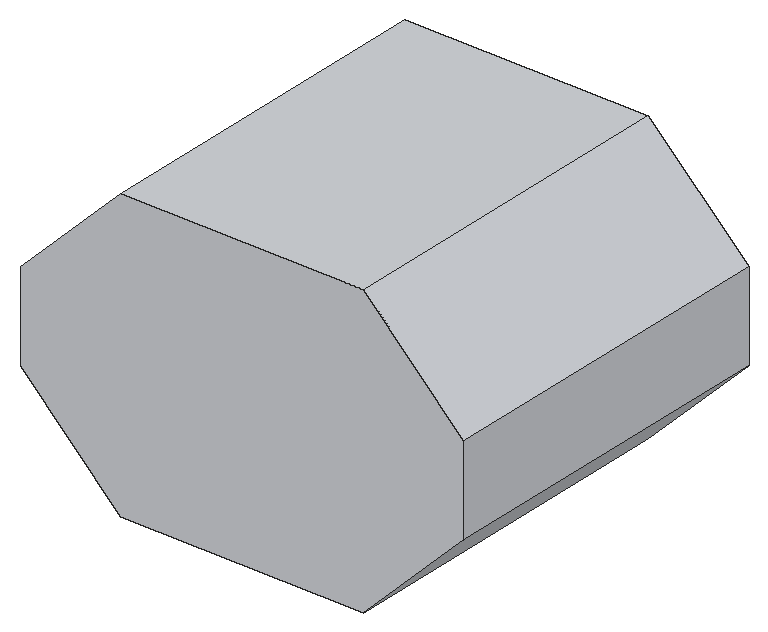
Revit family "Nested Adaptive Test", category Specialty Equipment, Revit 2019
Family settings
  Round Connector Dimension = Use Diameter
  Part Type = Normal
  Always vertical = Yes
  Cut with Voids When Loaded = No
  Shared = No
  Room Calculation Point = No
Parameters (values of type "Nested Adaptive Test")
  Nested Family Test = Nested Family Test : Geometry Type 1
  Test 2 = 0' - 1 161/256"
  Test 1 = 0' - 2"
Reference planes (in)
  plane 1 "Center (Front/Back)": y = 0
  plane 2 "Center (Left/Right)": x = 0
Dimensions and locks (in)
  aligned and locked: nested 1 to reference point  (x2)
Nested families (in)
  nested 1: "Nested Family Test" at (0, 0, 0), type <- "Nested Family Test", Test Param 1 <- "Test 1", Test Param 2 <- "Test 2", type "Geometry Type 1"
Definition of nested family "Nested Family Test"
  Parameters (values of type "Geometry Type 2")
    Nested Geometry = Geometry 2 : Geometry 2
    Test Param 2 [instance] = 0' - 1 161/256"
    Test Param 1 [instance] = 0' - 2"
    Default Elevation = 4' - 0"
  Types (2): name | Nested Geometry
    Geometry Type 1 | Geometry 1 : Geometry 1
    Geometry Type 2 | Geometry 2 : Geometry 2
  Reference planes (in)
    plane 1 "Center (Front/Back)": y = 0
    plane 2: z = 0
    plane 3 "Center (Left/Right)": x = 0
    plane 4 "Terminal Top": z = 1.62891
  Forms (in)
    Extrusion 1, solid
      sketch origin (0, 0, 0) x (1, 0, 0) y (0, 1, 0)
        loop
          line (-48, 48) -> (-48, -48) -> (48, -48) -> (48, 48) -> (-48, 48)
      from 0 to -12
  Dimensions and locks (in)
    "Test Param 2": plane 4 "Terminal Top" to Extrusion 1
    aligned and locked: plane 2 to Extrusion 1
    aligned and locked: level to Extrusion 1
  Automatic sketch dimensions
    Extrusion 1 sketch curve to Extrusion 1 sketch curve = 8' - 0"  (x2)
  Nested families (in)
    nested 1: "Geometry 2" at (0, 0, 0), Depth (') Nom <- "Test Param 2", type <- "Nested Geometry", Outer Diameter (') Max <- "Test Param 1", type "Geometry 2"
      with Outer Diameter (') Max 0' - 2", Depth (') Nom 0' - 1 161/256"
  Definition of nested family "Geometry 2"
    Parameters (values of type "Geometry 2")
      Depth (') Nom [instance] = 0' - 1.63"
      Outer Diameter (') Max [instance] = 0' - 2"
    Reference planes (in)
      plane 1 "Center (Front/Back)": y = 0
      plane 2: z = 0
      plane 3 "Center (Left/Right)": x = 0
      plane 4: x = -1
      plane 5: x = 1
      plane 6: y = -1
      plane 7: y = 1
      plane 8: y = -1.25
      plane 9: y = -1.5
    Forms (in)
      Extrusion 1, solid
        sketch origin (0, 0, 0) x (1, 0, 0) y (0, 1, 0)
          loop
            line (-1, 1) -> (-1, -1) -> (1, -1) -> (1, 1) -> (-1, 1)
        from 0 to 12
    Dimensions and locks (in)
      equal spacing: plane 5, plane 3 "Center (Left/Right)", plane 4
      "Outer Diameter (') Max": plane 5 to plane 4
      "Outer Diameter (') Max": plane 6 to plane 7
      equal spacing: plane 6, plane 1 "Center (Front/Back)", plane 7
      locked: plane 8 to plane 6 at 0.25
      locked: plane 8 to plane 9 at 0.25
      aligned and locked: level to plane 2
      aligned and locked: plane 7 to Extrusion 1 sketch curve
      aligned and locked: plane 4 to Extrusion 1 sketch curve
      aligned and locked: plane 6 to Extrusion 1 sketch curve
      aligned and locked: Extrusion 1 sketch curve to plane 5
